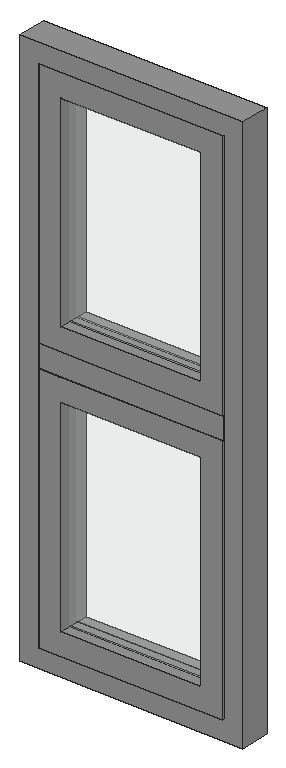
Revit family "Family15", category Windows, host Wall, Revit 2018
Family settings
  Host = Wall
  OmniClass Number = 23.30.20.00
  OmniClass Title = Windows
  Always vertical = Yes
  Cut with Voids When Loaded = No
  Shared = No
  Room Calculation Point = No
Parameters
  Window Thickness = 84 mm
  Window = White
  Visual Light Transmittance = 0.81
  URL = "www.skywardwindows.co.za"
  Thermal Resistance (R) = 0.3196 (m²·K)/W
  Telephone = "021 276 1800"
  Solar Heat Gain Coefficient = 0.76
  Manufacturer = "Skyward Windows"
  Keynote = ""
  Height = 1490 mm
  Heat Transfer Coefficient (U) = 3.1292 W/(m²·K)
  Glass = Glass
  Email Address = "info@skywardwindows.co.za"
  Default Sill Height = 800 mm
  Wall Closure = By host
  Width = 590 mm
  Company Address = "Charles Matthews Street Atlantis 7349"
  Analytic Construction = "Double glazing - domestic"
Reference planes
  plane 1 "Center (Front/Back)": y = 0
  plane 2 "Center (Left/Right)": x = 0
  plane 3 "Left": x = -295
  plane 4 "Right": x = 295
  plane 5 "Sill": z = 800
  plane 6 "Head": z = 2290
  plane 7 "Exterior": y = 100
  plane 8 "Interior": y = -100
Forms (mm)
  Extrusion 1, solid, material "White" <- "Window"
    sketch origin (0, -100, 0) x (1, 0, 0) y (0, 0, 1)
      loop
        line (-295, 2290) -> (-295, 800) -> (295, 800) -> (295, 2290) -> (-295, 2290)
      loop
        line (-245, 850) -> (245, 850) -> (245, 2240) -> (-245, 2240) -> (-245, 850)
    from -140 to -60
  Extrusion 2, solid, material "White" <- "Window"
    sketch origin (0, -100, 0) x (1, 0, 0) y (0, 0, 1)
      loop
        line (-186, 909) -> (186, 909) -> (186, 1456) -> (-186, 1456) -> (-186, 909)
      loop
        line (-245, 1515) -> (-245, 850) -> (245, 850) -> (245, 1515) -> (-245, 1515)
      loop
        line (-245, 2240) -> (-245, 1575) -> (245, 1575) -> (245, 2240) -> (-245, 2240)
      loop
        line (-186, 1634) -> (186, 1634) -> (186, 2181) -> (-186, 2181) -> (-186, 1634)
    from -142 to -58
  Extrusion 3, solid, material "White" <- "Window"
    sketch origin (0, -100, 30) x (1, 0, 0) y (0, 0, 1)
      loop
        line (-245, 1545) -> (-245, 1485) -> (245, 1485) -> (245, 1545) -> (-245, 1545)
    from -140 to -60
  Extrusion 4, solid, material "Glass" <- "Glass"
    sketch origin (0, 0, 0) x (1, 0, 0) y (0, 1, 0)
      loop
        line (-186, -10) -> (-186, -14) -> (186, -14) -> (186, -10) -> (-186, -10)
      loop
        line (-186, 14) -> (-186, 10) -> (186, 10) -> (186, 14) -> (-186, 14)
    from 909 to 1486
  Extrusion 5, solid, material "Glass" <- "Glass"
    sketch origin (0, 0, 575) x (1, 0, 0) y (0, 1, 0)
      loop
        line (-186, -10) -> (-186, -14) -> (186, -14) -> (186, -10) -> (-186, -10)
      loop
        line (-186, 14) -> (-186, 10) -> (186, 10) -> (186, 14) -> (-186, 14)
    from 1059 to 1606
Lines and regions (mm)
  Opening 1
    outline origin (3500, -100, 0) x (1, 0, 0) y (0, 0, 1)
      loop
        line (-3205, 800) -> (-3205, 2290) -> (-3795, 2290) -> (-3795, 800) -> (-3205, 800)
  model lines
    curve 1: line (0, 0, 0) -> (0, 10, 0)
    curve 2: line (0, 10, 0) -> (0, -10, 0)
Text (mm)
  text "EXTERIOR" at (-1963.203, 1332.353, 0), in view "Ref. Level"
  text "INTERIOR" at (-1981.466, -818.386, 0), in view "Ref. Level"
  text "Exterior" at (0, 923.751, 2943.296), in view "Right"
  text "Exterior" at (0, 1040.484, 2685.409), in view "Left"
Dimensions and locks
  equal spacing: plane 3 "Left", plane 2 "Center (Left/Right)", plane 4 "Right"
  "Width": plane 3 "Left" to plane 4 "Right"
  "Height": plane 5 "Sill" to plane 6 "Head"
  "Default Sill Height": plane 5 "Sill" to level
  locked: plane 7 "Exterior" to host wall at 0
  locked: plane 8 "Interior" to host wall
  "Window Thickness": Extrusion 2 to Extrusion 2
  aligned and locked: Extrusion 1 sketch curve to host wall  (x4)
Automatic sketch dimensions
  plane 3 "Left" to Opening 1 sketch curve = 0 mm
  plane 4 "Right" to Opening 1 sketch curve = 0 mm
  Opening 1 sketch curve to plane 5 "Sill" = 0 mm
  Opening 1 sketch curve to plane 6 "Head" = 0 mm
  Extrusion 1 sketch curve to plane 3 "Left" = 50 mm
  plane 4 "Right" to Extrusion 1 sketch curve = 50 mm
  Extrusion 1 sketch curve to plane 5 "Sill" = 50 mm
  plane 6 "Head" to Extrusion 1 sketch curve = 50 mm
  Extrusion 2 sketch curve to plane 3 "Left" = 50 mm  (x2)
  Extrusion 2 sketch curve to Extrusion 2 sketch curve = 59 mm  (x5)
  plane 4 "Right" to Extrusion 2 sketch curve = 109 mm  (x2)
  plane 4 "Right" to Extrusion 2 sketch curve = 50 mm  (x2)
  Extrusion 2 sketch curve to plane 5 "Sill" = 50 mm
  Extrusion 2 sketch curve to Extrusion 2 sketch curve = 547 mm
  Extrusion 2 sketch curve to Extrusion 2 sketch curve = 60 mm
  plane 6 "Head" to Extrusion 2 sketch curve = 109 mm
  plane 6 "Head" to Extrusion 2 sketch curve = 50 mm
  Extrusion 3 sketch curve to plane 3 "Left" = 50 mm
  plane 4 "Right" to Extrusion 3 sketch curve = 50 mm
  Extrusion 3 sketch curve to plane 5 "Sill" = 715 mm
  Extrusion 3 sketch curve to Extrusion 3 sketch curve = 60 mm
  curve 1 to plane 2 "Center (Left/Right)" = 0 mm
  host wall to curve 1 = 0 mm
  curve 2 to host wall = 10 mm
  host wall to curve 2 = 10 mm
  host wall to Extrusion 4 sketch curve = 10 mm
  Extrusion 4 sketch curve to plane 3 "Left" = 109 mm
  Extrusion 4 sketch curve to Extrusion 4 sketch curve = 0 mm  (x2)
  host wall to Extrusion 4 sketch curve = 14 mm
  plane 4 "Right" to Extrusion 4 sketch curve = 109 mm
  Extrusion 4 sketch curve to host wall = 10 mm
  Extrusion 4 sketch curve to Extrusion 4 sketch curve = 4 mm
  host wall to Extrusion 5 sketch curve = 10 mm
  Extrusion 5 sketch curve to plane 3 "Left" = 109 mm
  Extrusion 5 sketch curve to Extrusion 5 sketch curve = 0 mm  (x2)
  host wall to Extrusion 5 sketch curve = 14 mm
  plane 4 "Right" to Extrusion 5 sketch curve = 109 mm
  Extrusion 5 sketch curve to host wall = 10 mm
  Extrusion 5 sketch curve to Extrusion 5 sketch curve = 4 mm
